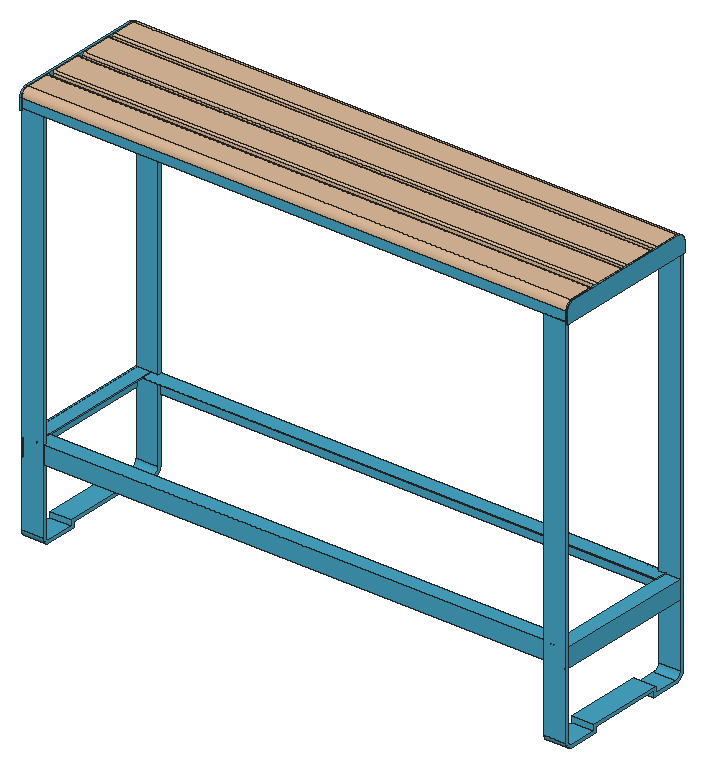
Revit family "product code 61211-S-L", category Meble, Revit 2021
Family settings
  Numer OmniClass = 23.40.20.00
  Tytuł OmniClass = General Furniture and Specialties
  Oparty na płaszczyźnie roboczej = Nie
  Zawsze pionowo = Tak
  Tnij formami wycięć po wczytaniu = Nie
  Współdzielony = Nie
  Punkt obliczania pomieszczeń = Nie
Parameters (values of type "61211-S-L")
  wood = Kobenhagen Wood - Larch
  metal = Kobenhagen RAL 5012
  Width = "40 cm"
  Weight = "45 kg"
  URL = "https://kobenhagen.com/en_US/p/Frederiksberg-Bar-Table/144"
  Product line = "Frederiksberg"
  Product Groups = "Tables"
  Producent = "Lars Laj"
  Keynote = ""
  Opis = "Frederiksberg Bar Table"
  Model = "61211-S-L"
  Material = "Larch, stainless steel, powder coated steel"
  Maintenance = "We recommend to examine and tighten all screws and bolt clamps after a few weeks’ use. In order to prevent cracks and to extend the life of the wood, it is recommended that the wood details should be oiled every 3-5 years."
  Lenght = "150 cm"
  Type Comments = ""
  Kobenhagen Materials = "larslaj.com/bim"
  Hosted on larslaj.com = "https://larslaj.com/bim"
  Height = "110 cm"
  Domyślna rzędna = 0 mm
  Copyright = "All designs and drawings are the intellectual property of Lars Laj A/S and are protected by Danish and international copyright laws."
Reference planes
  plane 1 "front": y = 0
  plane 2: z = 0
  plane 3 "Środek (Lewa/Prawa)": x = 0
  plane 4 "left": x = -745.625
  plane 5 "right": x = 745.938
  plane 6 "back": y = 400
  plane 7: x = -685.625
  plane 8: x = 685.937
  plane 9: z = 1057.23
Forms (mm)
  Extrusion 1, solid, material "Kobenhagen Wood - Larch" <- "wood"
    sketch origin (0, -51.281, 670.21) x (0, 1, 0) y (0, 0, 1)
      loop
        arc (263.304, 429.703) -> (259.768, 428.239) -> (258.304, 424.703) r 5
        line (258.304, 424.703) -> (258.304, 388.972)
        arc (258.304, 388.972) -> (258.878, 387.586) -> (260.264, 387.012) r 1.96
        line (260.264, 387.012) -> (346.304, 387.012)
        arc (346.304, 387.012) -> (347.718, 387.598) -> (348.304, 389.012) r 2
        line (348.304, 389.012) -> (348.304, 424.703)
        arc (348.304, 424.703) -> (346.839, 428.239) -> (343.304, 429.703) r 5
        line (343.304, 429.703) -> (263.304, 429.703)
    from -745.625 to 745.937
  Extrusion 2, solid, material "Kobenhagen Wood - Larch" <- "wood"
    sketch origin (0, -153.73, 670.21) x (0, 1, 0) y (0, 0, 1)
      loop
        arc (263.253, 429.703) -> (259.718, 428.239) -> (258.253, 424.703) r 5
        line (258.253, 424.703) -> (258.253, 388.972)
        arc (258.253, 388.972) -> (258.827, 387.586) -> (260.213, 387.012) r 1.96
        line (260.213, 387.012) -> (346.253, 387.012)
        arc (346.253, 387.012) -> (347.668, 387.598) -> (348.253, 389.012) r 2
        line (348.253, 389.012) -> (348.253, 424.703)
        arc (348.253, 424.703) -> (346.789, 428.239) -> (343.253, 429.703) r 5
        line (343.253, 429.703) -> (263.253, 429.703)
    from -745.625 to 745.937
  Extrusion 3, solid, material "Kobenhagen Wood - Larch" <- "wood"
    sketch origin (0, -256.23, 670.21) x (0, 1, 0) y (0, 0, 1)
      loop
        arc (275.801, 429.704) -> (261.616, 423.828) -> (255.74, 409.642) r 20.061
        line (255.74, 409.642) -> (258.916, 409.642) -> (258.916, 387.013) -> (343.754, 387.013)
        arc (343.754, 387.013) -> (345.168, 387.598) -> (345.753, 389.012) r 1.999
        line (345.753, 389.012) -> (345.753, 424.706)
        arc (345.753, 424.706) -> (344.29, 428.24) -> (340.756, 429.704) r 4.998
        line (340.756, 429.704) -> (275.801, 429.704)
    from -745.625 to 745.937
  Extrusion 4, solid, material "Kobenhagen RAL 5012" <- "metal", not visible
    sketch origin (0, 0, 0) x (0, 1, 0) y (0, 0, 1)
      loop
        arc (71.187, 451.5) -> (57.045, 445.642) -> (51.187, 431.5) r 20
        line (51.187, 431.5) -> (51.187, 18.231)
        arc (51.187, 18.231) -> (56.527, 5.34) -> (69.418, 0) r 18.231
        line (69.418, 0) -> (153.638, 0) -> (153.638, 15) -> (448.638, 15) -> (448.638, 0) -> (527.023, 0)
        arc (527.023, 0) -> (542.307, 6.331) -> (548.638, 21.615) r 21.615
        line (548.638, 21.615) -> (548.638, 429.407)
        arc (548.638, 429.407) -> (542.168, 445.029) -> (526.545, 451.5) r 22.093
        line (526.545, 451.5) -> (71.187, 451.5)
    from 750.378 to 745
  Extrusion 5, solid, material "Kobenhagen RAL 5012" <- "metal", not visible
    sketch origin (0, 0, 0) x (0, 1, 0) y (0, 0, 1)
      loop
        line (548.638, 396.844) -> (629.375, 854.725) -> (601.836, 859.581)
        arc (601.836, 859.581) -> (585.224, 855.898) -> (576.082, 841.547) r 22.232
        line (576.082, 841.547) -> (507.306, 451.5) -> (526.545, 451.5)
        arc (526.545, 451.5) -> (542.168, 445.029) -> (548.638, 429.407) r 22.093
        line (548.638, 429.407) -> (548.638, 396.844)
    from 745 to 750.378
  Extrusion 6, solid, material "Kobenhagen RAL 5012" <- "metal"
    sketch origin (0, -51.25, 0) x (0, -1, 0) y (0, 0, 1)
      loop
        line (-71.187, 1099.913) -> (-429.045, 1099.913)
        arc (-429.045, 1099.913) -> (-444.668, 1093.442) -> (-451.138, 1077.82) r 22.093
        line (-451.138, 1077.82) -> (-451.138, 1048.5) -> (-51.187, 1048.5) -> (-51.187, 1079.913)
        arc (-51.187, 1079.913) -> (-57.045, 1094.055) -> (-71.187, 1099.913) r 20
    from 750.725 to 745.625
  Extrusion 7, solid, material "Kobenhagen RAL 5012" <- "metal"
    sketch origin (0, -51.25, 0) x (0, 1, 0) y (0, 0, 1)
      loop
        line (451.138, 23.296) -> (451.138, 1054.5) -> (51.187, 1054.5) -> (51.187, 18.763)
        arc (51.187, 18.763) -> (56.683, 5.495) -> (69.95, 0) r 18.763
        line (69.95, 0) -> (153.638, 0) -> (153.638, 15) -> (351.138, 15) -> (351.138, 0) -> (427.842, 0)
        arc (427.842, 0) -> (444.315, 6.823) -> (451.138, 23.296) r 23.296
      loop
        line (58.687, 1048.5) -> (58.687, 18.763)
        arc (58.687, 18.763) -> (61.986, 10.799) -> (69.95, 7.5) r 11.263
        line (69.95, 7.5) -> (146.138, 7.5) -> (146.138, 22.5) -> (358.638, 22.5) -> (358.638, 7.5) -> (427.842, 7.5)
        arc (427.842, 7.5) -> (439.012, 12.127) -> (443.638, 23.296) r 15.796
        line (443.638, 23.296) -> (443.638, 1048.5) -> (58.687, 1048.5)
    from -745.625 to -685.625
  Extrusion 8, solid, material "Kobenhagen RAL 5012" <- "metal"
    sketch origin (0, -51.25, 648.75) x (0, 1, 0) y (0, 0, 1)
      loop
        line (53.936, 431.102) -> (51.187, 431.102) -> (51.187, 405.75) -> (75.655, 405.75) -> (75.655, 408.472) -> (53.936, 408.472) -> (53.936, 431.102)
    from -745.625 to 745.937
  Extrusion 9, solid, material "Kobenhagen Wood - Larch" <- "wood"
    sketch origin (0, 655.254, 670.21) x (0, -1, 0) y (0, 0, -1)
      loop
        line (275.801, -429.704) -> (340.733, -429.704)
        arc (340.733, -429.704) -> (344.267, -428.24) -> (345.731, -424.706) r 4.998
        line (345.731, -424.706) -> (345.731, -389.012)
        arc (345.731, -389.012) -> (345.145, -387.598) -> (343.731, -387.013) r 1.999
        line (343.731, -387.013) -> (258.705, -387.013) -> (258.705, -409.642) -> (255.74, -409.642)
        arc (255.74, -409.642) -> (261.616, -423.828) -> (275.801, -429.704) r 20.061
    from -745.625 to 745.938
  Extrusion 10, solid, material "Kobenhagen RAL 5012" <- "metal"
    sketch origin (0, -51.25, 0) x (0, 1, 0) y (0, 0, -1)
      loop
        arc (451.138, -23.296) -> (444.315, -6.823) -> (427.842, 0) r 23.296
        line (427.842, 0) -> (351.138, 0) -> (351.138, -15) -> (153.638, -15) -> (153.638, 0) -> (69.95, 0)
        arc (69.95, 0) -> (56.683, -5.495) -> (51.187, -18.763) r 18.763
        line (51.187, -18.763) -> (51.187, -1054.5) -> (451.138, -1054.5) -> (451.138, -23.296)
      loop
        line (58.687, -1048.5) -> (443.638, -1048.5) -> (443.638, -23.296)
        arc (443.638, -23.296) -> (439.012, -12.127) -> (427.842, -7.5) r 15.796
        line (427.842, -7.5) -> (358.638, -7.5) -> (358.638, -22.5) -> (146.138, -22.5) -> (146.138, -7.5) -> (69.95, -7.5)
        arc (69.95, -7.5) -> (61.986, -10.799) -> (58.687, -18.763) r 11.263
        line (58.687, -18.763) -> (58.687, -1048.5)
    from -745.625 to -685.625
  Extrusion 11, solid, material "Kobenhagen RAL 5012" <- "metal"
    sketch origin (0, 451.234, 648.75) x (0, -1, 0) y (0, 0, -1)
      loop
        line (53.936, -431.102) -> (53.936, -408.472) -> (75.655, -408.472) -> (75.655, -405.75) -> (51.187, -405.75) -> (51.187, -431.102) -> (53.936, -431.102)
    from -745.625 to 745.937
  Extrusion 12, solid, material "Kobenhagen RAL 5012" <- "metal"
    sketch origin (0, -51.25, 0) x (0, -1, 0) y (0, 0, -1)
      loop
        arc (-71.187, -1099.913) -> (-57.045, -1094.055) -> (-51.187, -1079.913) r 20
        line (-51.187, -1079.913) -> (-51.187, -1048.5) -> (-451.138, -1048.5) -> (-451.138, -1077.82)
        arc (-451.138, -1077.82) -> (-444.668, -1093.442) -> (-429.045, -1099.913) r 22.093
        line (-429.045, -1099.913) -> (-71.187, -1099.913)
    from 750.725 to 745.625
  Extrusion 13, solid, material "Kobenhagen RAL 5012"
    sketch origin (0, 554.482, 0) x (0, 1, 0) y (0, 0, 1)
      loop
        line (-195.107, 247.533) -> (-156.525, 247.533) -> (-156.525, 199.948) -> (-154.509, 199.948) -> (-154.509, 249.533) -> (-195.107, 249.533) -> (-195.107, 247.533)
    from -704.756 to 704.756
  Extrusion 14, solid, material "Kobenhagen RAL 5012"
    sketch origin (0, -152.551, 0) x (0, -1, 0) y (0, 0, -1)
      loop
        line (-195.107, -247.533) -> (-195.107, -249.533) -> (-154.509, -249.533) -> (-154.509, -199.948) -> (-156.525, -199.948) -> (-156.525, -247.533) -> (-195.107, -247.533)
    from -704.756 to 704.756
  Extrusion 15, solid, material "Kobenhagen RAL 5012"
    sketch origin (899.862, 22.202, 0) x (1, 0, 0) y (0, 0, -1)
      loop
        line (-195.107, -247.533) -> (-195.107, -249.533) -> (-154.509, -249.533) -> (-154.509, -199.948) -> (-156.525, -199.948) -> (-156.525, -247.533) -> (-195.107, -247.533)
    from -22.202 to 374.347
  Extrusion 16, solid, material "Kobenhagen RAL 5012"
    sketch origin (-899.862, 22.202, 0) x (-1, 0, 0) y (0, 0, 1)
      loop
        line (-195.107, 247.533) -> (-156.525, 247.533) -> (-156.525, 199.948) -> (-154.509, 199.948) -> (-154.509, 249.533) -> (-195.107, 249.533) -> (-195.107, 247.533)
    from -22.202 to 374.347
  Extrusion 17, solid, material "Kobenhagen RAL 5012"
    sketch origin (0, 0, 0) x (1, 0, 0) y (0, 1, 0)
      loop
        line (28.705, 24.405) -> (28.705, 375.579) -> (-31.295, 375.579) -> (-31.295, 24.405) -> (28.705, 24.405)
    from 1054.5 to 1057.222
Lines and regions (mm)
  model lines, style "9"
    curve 1: line (264.233, -99.489, 0) -> (264.233, -93.489, 0)
    curve 2: line (264.233, -399.489, 0) -> (264.233, -405.489, 0)
    curve 3: line (-304.767, -99.489, 0) -> (-304.767, -93.489, 0)
    curve 4: line (-304.767, -399.489, 0) -> (-304.767, -405.489, 0)
    curve 5: line (-281.767, -99.489, 0) -> (-281.767, -93.489, 0)
    curve 6: line (-281.767, -399.489, 0) -> (-281.767, -405.489, 0)
    curve 9: line (0, -245.5, 21) -> (0, -239.5, 21)
    curve 10: line (0, -445.5, 21) -> (0, -451.5, 21)
  model lines, style "8"
    curve 7: line (0, -170.5, 1054) -> (0, -158, 1054)
    curve 8: line (0, -170.5, 1054) -> (0, -158, 1054)
Dimensions and locks
  Extrusion 1 sketch curve to Extrusion 1 sketch curve = 90 mm
  Extrusion 1 sketch curve to Extrusion 1 sketch curve = 42.691 mm
  Extrusion 2 sketch curve to Extrusion 2 sketch curve = 90 mm
  Extrusion 2 sketch curve to Extrusion 2 sketch curve = 42.691 mm
  Extrusion 3 sketch curve to Extrusion 3 sketch curve = 42.691 mm
  Extrusion 9 sketch curve to Extrusion 9 sketch curve = 42.691 mm
  plane 6 "back" to plane 1 "front" = 400 mm
  aligned and locked: level to plane 2
  aligned and locked: plane 5 "right" to Extrusion 1
  aligned and locked: Extrusion 1 to plane 4 "left"
  aligned and locked: plane 5 "right" to Extrusion 2
  aligned and locked: plane 5 "right" to Extrusion 3
  aligned and locked: Extrusion 2 to plane 4 "left"
  aligned and locked: Extrusion 3 to plane 4 "left"
  aligned and locked: plane 4 "left" to Extrusion 6
  aligned and locked: Extrusion 7 to plane 4 "left"
  aligned and locked: plane 7 to Extrusion 7
  aligned and locked: Extrusion 8 to plane 4 "left"
  aligned and locked: plane 5 "right" to Extrusion 8
  aligned and locked: plane 5 "right" to Extrusion 9
